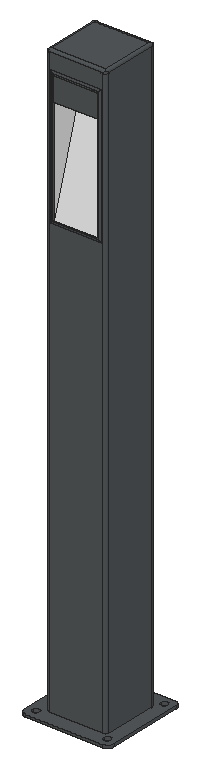
Revit family "svetilnik_alfresco_ar deko_dtu19", category Lighting Fixtures, Revit 2016 (continued)
Definition of nested family "Источник света Ар_Деко"
  Types (5, lengths in mm): name | Photometric Web File | built-in parameter 1150142
         0.2       0.2       0.2       0.2\r\n       0.2       0.2       0.2       0.2       0.2       0.2       0.2       0.2\r\n       0.2       0.2       0.2       0.2       0.2       0.2       0.2       0.2\r\n       0.2       0.2       0.2       0.2       0.2       0.2       0.2       0.2\r\n       0.2       0.2       0.2       0.2       0.2       0.2       0.2       0.2\r\n       0.2       0.2       0.2       0.2       0.2       0.2       0.2       0.2\r\n       0.2       0.2       0.2       0.2       0.2       0.2       0.2       0.2\r\n       0.2       0.2       0.2       0.2       0.2       0.2       0.2       0.2\r\n       0.2       0.2       0.2       0.2       0.2       0.2       0.2       0.2\r\n       0.2       0.2       0.2       0.2       0.2       0.2       0.2       0.2\r\n       0.2       0.2       0.2       0.2       0.2       0.2       0.2       0.2\r\n       0.2       0.2       0.2       0.2       0.2       0.2       0.2       0.2\r\n       0.2       0.2       0.2       0.2       0.2       0.2       0.2       0.2\r\n       0.2       0.2       0.2       0.2       0.2       0.2       0.2       0.2\r\n       0.2       0.2       0.2       0.2       0.2       0.2       0.2       0.2\r\n       0.2       0.2       0.2       0.2       0.2       0.2       0.2       0.2\r\n       0.2       0.1       0.1       0.1       0.1       0.1       0.1       0.1\r\n       0.1       0.1       0.0       0.0       0.0\r\n       0.0       0.0       0.1       0.1       0.1       0.1       0.1       0.1\r\n       0.2       0.3       0.2       0.2       0.2       0.2       0.2       0.2\r\n       0.2       0.2       0.2       0.2       0.2       0.2       0.2       0.2\r\n       0.2       0.2       0.2       0.2       0.2       0.2       0.2       0.2\r\n       0.2       0.2       0.2       0.2       0.2       0.2       0.2       0.2\r\n       0.2       0.2       0.2       0.2       0.2       0.2       0.2       0.2\r\n       0.2       0.2       0.2       0.2       0.2       0.2       0.2       0.2\r\n       0.2       0.2       0.2       0.2       0.2       0.2       0.2       0.2\r\n       0.2       0.2       0.2       0.2       0.2       0.2       0.2       0.2\r\n       0.2       0.2       0.2       0.2       0.2       0.2       0.2       0.2\r\n       0.2       0.2       0.2       0.2       0.2       0.2       0.2       0.2\r\n       0.2       0.2       0.2       0.2       0.2       0.2       0.2       0.2\r\n       0.2       0.2       0.2       0.2       0.2       0.2       0.2       0.2\r\n       0.2       0.2       0.2       0.2       0.2       0.2       0.2       0.2\r\n       0.2       0.2       0.2       0.2       0.2       0.2       0.2       0.2\r\n       0.2       0.2       0.2       0.2       0.2       0.2       0.2       0.2\r\n       0.2       0.2       0.2       0.2       0.2       0.2       0.2       0.2\r\n       0.2       0.2       0.2       0.2       0.2       0.2       0.2       0.2\r\n       0.2       0.2       0.2       0.2       0.2       0.2       0.2       0.2\r\n       0.2       0.2       0.2       0.2       0.2       0.2       0.2       0.2\r\n       0.2       0.2       0.2       0.2       0.2       0.2       0.2       0.2\r\n       0.2       0.1       0.1       0.1       0.1       0.1       0.1       0.1\r\n       0.1       0.1       0.0       0.0       0.0\r\n       0.0       0.0       0.1       0.1       0.1       0.1       0.1       0.1\r\n       0.2       0.3       0.2       0.2       0.2       0.2       0.2       0.2\r\n       0.2       0.2       0.2       0.2       0.2       0.2       0.2       0.2\r\n       0.2       0.2       0.2       0.2       0.2       0.2       0.2       0.2\r\n       0.3       0.2       0.2       0.2       0.2       0.2       0.2       0.2\r\n       0.2       0.2       0.3       0.2       0.2       0.2       0.2       0.2\r\n       0.2       0.2       0.2       0.2       0.2       0.2       0.2       0.2\r\n       0.2       0.2       0.2       0.2       0.2       0.2       0.3       0.2\r\n       0.2       0.2       0.2       0.2       0.2       0.2       0.2       0.2\r\n       0.2       0.2       0.2       0.2       0.2       0.2       0.2       0.2\r\n       0.2       0.2       0.2       0.2       0.2       0.2       0.2       0.2\r\n       0.2       0.2       0.2       0.2       0.2       0.2       0.2       0.2\r\n       0.2       0.2       0.2       0.2       0.2       0.2       0.2       0.2\r\n       0.2       0.2       0.2       0.2       0.2       0.2       0.2       0.2\r\n       0.2       0.2       0.2       0.2       0.2       0.2       0.2       0.2\r\n       0.2       0.2       0.2       0.2       0.2       0.2       0.2       0.2\r\n       0.2       0.2       0.2       0.2       0.2       0.2       0.2       0.2\r\n       0.2       0.2       0.2       0.2       0.2       0.2       0.2       0.2\r\n       0.2       0.2       0.2       0.2       0.2       0.2       0.2       0.2\r\n       0.2       0.2       0.2       0.2       0.2       0.2       0.2       0.2\r\n       0.2       0.2       0.2       0.2       0.2       0.2       0.2       0.2\r\n       0.2       0.1       0.1       0.1       0.1       0.1       0.1       0.1\r\n       0.1       0.1       0.0       0.0       0.0\r\n       0.0       0.0       0.1       0.1       0.1       0.1       0.1       0.1\r\n       0.2       0.3       0.2       0.2       0.2       0.2       0.2       0.2\r\n       0.2       0.2       0.2       0.2       0.2       0.2       0.2       0.2\r\n       0.2       0.2       0.2       0.2       0.2       0.2       0.2       0.2\r\n       0.2       0.2       0.2       0.2       0.2       0.3       0.3       0.2\r\n       0.2       0.2       0.2       0.4       0.3       0.2       0.2       0.2\r\n       0.2       0.2       0.2       0.2       0.2       0.2       0.2       0.2\r\n       0.2       0.2       0.2       0.2       0.2       0.2       0.2       0.2\r\n       0.2       0.2       0.2       0.2       0.2       0.2       0.2       0.2\r\n       0.2       0.2       0.2       0.2       0.2       0.2       0.2       0.2\r\n       0.2       0.2       0.2       0.2       0.2       0.2       0.2       0.2\r\n       0.2       0.2       0.2       0.2       0.2       0.2       0.2       0.2\r\n       0.2       0.2       0.2       0.2       0.2       0.2       0.2       0.2\r\n       0.2       0.2       0.2       0.2       0.2       0.2       0.2       0.2\r\n       0.2       0.2       0.2       0.2       0.2       0.3       0.2       0.2\r\n       0.2       0.2       0.2       0.2       0.2       0.2       0.2       0.2\r\n       0.2       0.2       0.2       0.2       0.2       0.2       0.2       0.2\r\n       0.2       0.2       0.2       0.2       0.2       0.2       0.2       0.2\r\n       0.2       0.2       0.2       0.2       0.2       0.2       0.2       0.2\r\n       0.2       0.2       0.2       0.2       0.2       0.2       0.2       0.2\r\n       0.2       0.2       0.2       0.2       0.2       0.2       0.2       0.2\r\n       0.2       0.1       0.1       0.1       0.1       0.1       0.1       0.1\r\n       0.1       0.1       0.0       0.0       0.0\r\n       0.0       0.0       0.1       0.1       0.1       0.1       0.1       0.1\r\n       0.2       0.3       0.2       0.2       0.2       0.2       0.2       0.2\r\n       0.2       0.2       0.2       0.2       0.2       0.2       0.2       0.2\r\n       0.2       0.2       0.2       0.2       0.2       0.2       0.2       0.2\r\n       0.2       0.2       0.2       0.2       0.2       0.3       0.2       0.2\r\n       0.2       0.2       0.2       0.3       0.2       0.2       0.2       0.2\r\n       0.2       0.2       0.2       0.2       0.2       0.2       0.2       0.2\r\n       0.2       0.2       0.2       0.2       0.2       0.2       0.2       0.2\r\n       0.2       0.2       0.2       0.2       0.2       0.2       0.2       0.2\r\n       0.2       0.2       0.2       0.2       0.2       0.2       0.2       0.2\r\n       0.2       0.2       0.2       0.2       0.2       0.2       0.2       0.2\r\n       0.2       0.2       0.2       0.2       0.2       0.2       0.2       0.2\r\n       0.2       0.2       0.2       0.2       0.2       0.2       0.2       0.2\r\n       0.2       0.2       0.2       0.2       0.2       0.2       0.2       0.2\r\n       0.2       0.2       0.2       0.2       0.2       0.4       0.2       0.2\r\n       0.2       0.2       0.2       0.2       0.2       0.2       0.2       0.2\r\n       0.2       0.2       0.2       0.2       0.2       0.2       0.2       0.2\r\n       0.2       0.2       0.2       0.2       0.2       0.2       0.2       0.2\r\n       0.2       0.2       0.2       0.2       0.2       0.2       0.2       0.2\r\n       0.2       0.2       0.2       0.2       0.2       0.2       0.2       0.2\r\n       0.2       0.2       0.2       0.2       0.2       0.2       0.2       0.2\r\n       0.2       0.1       0.1       0.1       0.1       0.1       0.1       0.1\r\n       0.1       0.1       0.0       0.0       0.0\r\n       0.0       0.0       0.1       0.1       0.1       0.1       0.1       0.1\r\n       0.2       0.2       0.2       0.2       0.2       0.2       0.2       0.2\r\n       0.2       0.2       0.2       0.2       0.2       0.2       0.2       0.2\r\n       0.2       0.2       0.2       0.2       0.2       0.2       0.2       0.2\r\n       0.2       0.2       0.2       0.2       0.2       0.2       0.2       0.2\r\n       0.2       0.2       0.2       0.2       0.2       0.2       0.2       0.2\r\n       0.2       0.2       0.2       0.2       0.2       0.2       0.2       0.2\r\n       0.2       0.2       0.2       0.2       0.2       0.2       0.2       0.2\r\n       0.2       0.2       0.2       0.2       0.2       0.2       0.2       0.2\r\n       0.2       0.2       0.2       0.2       0.2       0.2       0.2       0.2\r\n       0.2       0.2       0.2       0.2       0.2       0.2       0.2       0.2\r\n       0.2       0.2       0.2       0.2       0.2       0.2       0.2       0.2\r\n       0.2       0.2       0.2       0.2       0.2       0.2       0.2       0.2\r\n       0.2       0.2       0.2       0.2       0.2       0.2       0.2       0.2\r\n       0.2       0.2       0.2       0.2       0.2       0.2       0.2       0.2\r\n       0.2       0.2       0.2       0.2       0.2       0.2       0.2       0.2\r\n       0.2       0.2       0.2       0.2       0.2       0.2       0.2       0.2\r\n       0.2       0.2       0.2       0.2       0.2       0.2       0.2       0.2\r\n       0.2       0.2       0.2       0.2       0.2       0.2       0.2       0.2\r\n       0.2       0.2       0.2       0.2       0.2       0.2       0.2       0.2\r\n       0.2       0.2       0.2       0.2       0.2       0.2       0.2       0.2\r\n       0.2       0.1       0.1       0.1       0.1       0.1       0.1       0.1\r\n       0.1       0.1       0.0       0.0       0.0\r\n       0.0       0.0       0.1       0.1       0.1       0.1       0.1       0.1\r\n       0.2       0.2       0.2       0.2       0.2       0.2       0.2       0.2\r\n       0.2       0.2       0.2       0.2       0.2       0.2       0.2       0.2\r\n       0.2       0.2       0.2       0.2       0.2       0.2       0.2       0.2\r\n       0.2       0.2       0.2       0.2       0.2       0.2       0.2       0.2\r\n       0.2       0.2       0.2       0.2       0.2       0.2       0.2       0.2\r\n       0.2       0.2       0.2       0.2       0.2       0.2       0.2       0.2\r\n       0.2       0.2       0.2       0.2       0.2       0.2       0.2       0.2\r\n       0.2       0.2       0.2       0.2       0.2       0.2       0.2       0.2\r\n       0.2       0.2       0.2       0.2       0.2       0.2       0.2       0.2\r\n       0.2       0.2       0.2       0.2       0.2       0.2       0.2       0.2\r\n       0.2       0.2       0.2       0.2       0.2       0.2       0.2       0.2\r\n       0.2       0.2       0.2       0.2       0.2       0.2       0.2       0.2\r\n       0.2       0.2       0.2       0.2       0.2       0.2       0.2       0.2\r\n       0.2       0.2       0.2       0.2       0.2       0.2       0.2       0.2\r\n       0.2       0.2       0.2       0.2       0.2       0.2       0.2       0.2\r\n       0.2       0.2       0.2       0.2       0.2       0.2       0.2       0.2\r\n       0.2       0.2       0.2       0.2       0.2       0.2       0.2       0.2\r\n       0.2       0.2       0.2       0.2       0.2       0.2       0.2       0.2\r\n       0.2       0.2       0.2       0.2       0.2       0.2       0.2       0.2\r\n       0.2       0.2       0.2       0.2       0.2       0.2       0.2       0.2\r\n       0.2       0.1       0.1       0.1       0.1       0.1       0.1       0.1\r\n       0.1       0.1       0.0       0.0       0.0\r\n       0.0       0.0       0.1       0.1       0.1       0.1       0.1       0.1\r\n       0.2       0.2       0.2       0.2       0.2       0.2       0.2       0.2\r\n       0.2       0.2       0.2       0.2       0.2       0.2       0.2       0.2\r\n       0.2       0.2       0.2       0.2       0.2       0.2       0.2       0.2\r\n       0.2       0.2       0.2       0.2       0.2       0.2       0.2       0.2\r\n       0.2       0.2       0.2       0.2       0.2       0.2       0.2       0.2\r\n       0.2       0.2       0.2       0.2       0.2       0.2       0.2       0.2\r\n       0.2       0.2       0.2       0.2       0.2       0.2       0.2       0.2\r\n       0.2       0.2       0.2       0.2       0.2       0.2       0.2       0.2\r\n       0.2       0.2       0.2       0.2       0.2       0.2       0.2       0.2\r\n       0.2       0.2       0.2       0.2       0.2       0.2       0.2       0.2\r\n       0.2       0.2       0.2       0.2       0.2       0.2       0.2       0.2\r\n       0.2       0.2       0.2       0.2       0.2       0.2       0.2       0.2\r\n       0.2       0.2       0.2       0.2       0.2       0.2       0.2       0.2\r\n       0.2       0.2       0.2       0.2       0.2       0.2       0.2       0.2\r\n       0.2       0.2       0.2       0.2       0.2       0.2       0.2       0.2\r\n       0.2       0.2       0.2       0.2       0.2       0.2       0.2       0.2\r\n       0.2       0.2       0.2       0.2       0.2       0.2       0.2       0.2\r\n       0.2       0.2       0.2       0.2       0.2       0.2       0.2       0.2\r\n       0.2       0.2       0.2       0.2       0.2       0.2       0.2       0.2\r\n       0.2       0.2       0.2       0.2       0.2       0.2       0.2       0.2\r\n       0.2       0.1       0.1       0.1       0.1       0.1       0.1       0.1\r\n       0.1       0.1       0.0       0.0       0.0\r\n       0.0       0.0       0.1       0.1       0.1       0.1       0.1       0.1\r\n       0.2       0.2       0.2       0.2       0.2       0.2       0.2       0.2\r\n       0.2       0.2       0.2       0.2       0.2       0.2       0.2       0.2\r\n       0.2       0.2       0.2       0.2       0.2       0.2       0.2       0.2\r\n       0.2       0.2       0.2       0.2       0.2       0.2       0.2       0.2\r\n       0.2       0.2       0.2       0.2       0.2       0.2       0.2       0.2\r\n       0.2       0.2       0.2       0.2       0.2       0.2       0.2       0.2\r\n       0.2       0.2       0.2       0.2       0.2       0.2       0.2       0.2\r\n       0.2       0.2       0.2       0.2       0.2       0.2       0.2       0.2\r\n       0.2       0.2       0.2       0.2       0.2       0.2       0.2       0.2\r\n       0.2       0.2       0.2       0.2       0.2       0.2       0.2       0.2\r\n       0.2       0.2       0.2       0.2       0.2       0.2       0.2       0.2\r\n       0.2       0.2       0.2       0.2       0.2       0.2       0.2       0.2\r\n       0.2       0.2       0.2       0.2       0.2       0.2       0.2       0.2\r\n       0.2       0.2       0.2       0.2       0.2       0.2       0.2       0.2\r\n       0.2       0.2       0.2       0.2       0.2       0.2       0.2       0.2\r\n       0.2       0.2       0.2       0.2       0.2       0.2       0.2       0.2\r\n       0.2       0.2       0.2       0.2       0.2       0.2       0.2       0.2\r\n       0.2       0.2       0.2       0.2       0.2       0.2       0.2       0.2\r\n       0.2       0.2       0.2       0.2       0
      .2       0.2       0.2       0.2\r\n       0.2       0.2       0.2       0.2       0.2       0.2       0.2       0.2\r\n       0.2       0.1       0.1       0.1       0.1       0.1       0.1       0.1\r\n       0.1       0.1       0.0       0.0       0.0\r\n       0.0       0.0       0.1       0.1       0.1       0.1       0.1       0.1\r\n       0.2       0.2       0.2       0.2       0.2       0.2       0.2       0.2\r\n       0.2       0.2       0.2       0.2       0.2       0.2       0.2       0.2\r\n       0.2       0.2       0.2       0.2       0.2       0.2       0.2       0.2\r\n       0.2       0.2       0.2       0.2       0.2       0.2       0.2       0.2\r\n       0.2       0.2       0.2       0.2       0.2       0.2       0.2       0.2\r\n       0.2       0.2       0.2       0.2       0.2       0.2       0.2       0.2\r\n       0.2       0.2       0.2       0.2       0.2       0.2       0.2       0.2\r\n       0.2       0.2       0.2       0.2       0.2       0.2       0.2       0.2\r\n       0.2       0.2       0.2       0.2       0.2       0.2       0.2       0.2\r\n       0.2       0.2       0.2       0.2       0.2       0.2       0.2       0.2\r\n       0.2       0.2       0.2       0.2       0.2       0.2       0.2       0.2\r\n       0.2       0.2       0.2       0.2       0.2       0.2       0.2       0.2\r\n       0.2       0.2       0.2       0.2       0.2       0.2       0.2       0.2\r\n       0.2       0.2       0.2       0.2       0.2       0.2       0.2       0.2\r\n       0.2       0.2       0.2       0.2       0.2       0.2       0.2       0.2\r\n       0.2       0.2       0.2       0.2       0.2       0.2       0.2       0.2\r\n       0.2       0.2       0.2       0.2       0.2       0.2       0.2       0.2\r\n       0.2       0.2       0.2       0.2       0.2       0.2       0.2       0.2\r\n       0.2       0.2       0.2       0.2       0.2       0.2       0.2       0.2\r\n       0.2       0.2       0.2       0.2       0.2       0.2       0.2       0.2\r\n       0.2       0.1       0.1       0.1       0.1       0.1       0.1       0.1\r\n       0.1       0.1       0.0       0.0       0.0\r\n       0.0       0.0       0.1       0.1       0.1       0.1       0.1       0.1\r\n       0.2       0.2       0.2       0.2       0.2       0.2       0.2       0.2\r\n       0.2       0.2       0.2       0.2       0.2       0.2       0.2       0.2\r\n       0.2       0.2       0.2       0.2       0.2       0.2       0.2       0.2\r\n       0.2       0.2       0.2       0.2       0.2       0.2       0.2       0.2\r\n       0.2       0.2       0.2       0.2       0.2       0.2       0.2       0.2\r\n       0.2       0.2       0.2       0.2       0.2       0.2       0.2       0.2\r\n       0.2       0.2       0.2       0.2       0.2       0.2       0.2       0.2\r\n       0.2       0.2       0.2       0.2       0.2       0.2       0.2       0.2\r\n       0.2       0.2       0.2       0.2       0.2       0.2       0.2       0.2\r\n       0.2       0.2       0.2       0.2       0.2       0.2       0.2       0.2\r\n       0.2       0.2       0.2       0.2       0.2       0.2       0.2       0.2\r\n       0.2       0.2       0.2       0.2       0.2       0.2       0.2       0.2\r\n       0.2       0.2       0.2       0.2       0.2       0.2       0.2       0.2\r\n       0.2       0.2       0.2       0.2       0.2       0.2       0.2       0.2\r\n       0.2       0.2       0.2       0.2       0.2       0.2       0.2       0.2\r\n       0.2       0.2       0.2       0.2       0.2       0.2       0.2       0.2\r\n       0.2       0.2       0.2       0.2       0.2       0.2       0.2       0.2\r\n       0.2       0.2       0.2       0.2       0.2       0.2       0.2       0.2\r\n       0.2       0.2       0.2       0.2       0.2       0.2       0.2       0.2\r\n       0.2       0.2       0.2       0.2       0.2       0.2       0.2       0.2\r\n       0.2       0.1       0.1       0.1       0.1       0.1       0.1       0.1\r\n       0.1       0.1       0.0       0.0       0.0\r\n       0.0       0.0       0.1       0.1       0.1       0.1       0.1       0.1\r\n       0.2       0.2       0.2       0.2       0.2       0.2       0.2       0.2\r\n       0.2       0.2       0.2       0.2       0.2       0.2       0.2       0.2\r\n       0.2       0.2       0.2       0.2       0.2       0.2       0.2       0.2\r\n       0.2       0.2       0.2       0.2       0.2       0.2       0.2       0.2\r\n       0.2       0.2       0.2       0.2       0.2       0.2       0.2       0.2\r\n       0.2       0.2       0.2       0.2       0.2       0.2       0.2       0.2\r\n       0.2       0.2       0.2       0.2       0.2       0.2       0.2       0.2\r\n       0.2       0.2       0.2       0.2       0.2       0.2       0.2       0.2\r\n       0.2       0.2       0.2       0.2       0.2       0.2       0.2       0.2\r\n       0.2       0.2       0.2       0.2       0.2       0.2       0.2       0.2\r\n       0.2       0.2       0.2       0.2       0.2       0.2       0.2       0.2\r\n       0.2       0.2       0.2       0.2       0.2       0.2       0.2       0.2\r\n       0.2       0.2       0.2       0.2       0.2       0.2       0.2       0.2\r\n       0.2       0.2       0.2       0.2       0.2       0.2       0.2       0.2\r\n       0.2       0.2       0.2       0.2       0.2       0.2       0.2       0.2\r\n       0.2       0.2       0.2       0.2       0.2       0.2       0.2       0.2\r\n       0.2       0.2       0.2       0.2       0.2       0.2       0.2       0.2\r\n       0.2       0.2       0.2       0.2       0.2       0.2       0.2       0.2\r\n       0.2       0.2       0.2       0.2       0.2       0.2       0.2       0.2\r\n       0.2       0.2       0.2       0.2       0.2       0.2       0.2       0.2\r\n       0.2       0.1       0.1       0.1       0.1       0.1       0.1       0.1\r\n       0.1       0.1       0.0       0.0       0.0\r\n       0.0       0.0       0.0       0.1       0.1       0.1       0.1       0.1\r\n       0.2       0.2       0.2       0.2       0.2       0.2       0.2       0.2\r\n       0.2       0.2       0.2       0.2       0.2       0.2       0.2       0.2\r\n       0.2       0.2       0.2       0.2       0.2       0.2       0.2       0.2\r\n       0.2       0.2       0.2       0.2       0.2       0.2       0.2       0.2\r\n       0.2       0.2       0.2       0.2       0.2       0.2       0.2       0.2\r\n       0.2       0.2       0.2       0.2       0.2       0.2       0.2       0.2\r\n       0.2       0.2       0.2       0.2       0.2       0.2       0.2       0.2\r\n       0.2       0.2       0.2       0.2       0.2       0.2       0.2       0.2\r\n       0.2       0.2       0.2       0.2       0.2       0.2       0.2       0.2\r\n       0.2       0.2       0.2       0.2       0.2       0.2       0.2       0.2\r\n       0.2       0.2       0.2       0.2       0.2       0.2       0.2       0.2\r\n       0.2       0.2       0.2       0.2       0.2       0.2       0.2       0.2\r\n       0.2       0.2       0.2       0.2       0.2       0.2       0.2       0.2\r\n       0.2       0.2       0.2       0.2       0.2       0.2       0.2       0.2\r\n       0.2       0.2       0.2       0.2       0.2       0.2       0.2       0.2\r\n       0.2       0.2       0.2       0.2       0.2       0.2       0.2       0.2\r\n       0.2       0.2       0.2       0.2       0.2       0.2       0.2       0.2\r\n       0.2       0.2       0.2       0.2       0.2       0.2       0.2       0.2\r\n       0.2       0.2       0.2       0.2       0.2       0.2       0.2       0.2\r\n       0.2       0.2       0.2       0.2       0.2       0.2       0.2       0.2\r\n       0.2       0.1       0.1       0.1       0.1       0.1       0.1       0.1\r\n       0.1       0.1       0.0       0.0       0.0\r\n       0.0       0.0       0.0       0.1       0.1       0.1       0.1       0.1\r\n       0.2       0.2       0.2       0.2       0.2       0.2       0.2       0.2\r\n       0.2       0.2       0.2       0.2       0.2       0.2       0.2       0.2\r\n       0.2       0.2       0.2       0.2       0.2       0.2       0.2       0.2\r\n       0.2       0.2       0.2       0.2       0.2       0.2       0.2       0.2\r\n       0.2       0.2       0.2       0.2       0.2       0.2       0.2       0.2\r\n       0.2       0.2       0.2       0.2       0.2       0.2       0.2       0.2\r\n       0.2       0.2       0.2       0.2       0.2       0.2       0.2       0.2\r\n       0.2       0.2       0.2       0.2       0.2       0.2       0.2       0.2\r\n       0.2       0.2       0.2       0.2       0.2       0.2       0.2       0.2\r\n       0.2       0.2       0.2       0.2       0.2       0.2       0.2       0.2\r\n       0.2       0.2       0.2       0.2       0.2       0.2       0.2       0.2\r\n       0.2       0.2       0.2       0.2       0.2       0.2       0.2       0.2\r\n       0.2       0.2       0.2       0.2       0.2       0.2       0.2       0.2\r\n       0.2       0.2       0.2       0.2       0.2       0.2       0.2       0.2\r\n       0.2       0.2       0.2       0.2       0.2       0.2       0.2       0.2\r\n       0.2       0.2       0.2       0.2       0.2       0.2       0.2       0.2\r\n       0.2       0.2       0.2       0.2       0.2       0.2       0.2       0.2\r\n       0.2       0.2       0.2       0.2       0.2       0.2       0.2       0.2\r\n       0.2       0.2       0.2       0.2       0.2       0.2       0.2       0.2\r\n       0.2       0.2       0.2       0.2       0.2       0.2       0.2       0.2\r\n       0.2       0.1       0.1       0.1       0.1       0.1       0.1       0.1\r\n       0.1       0.1       0.0       0.0       0.0\r\n       0.0       0.0       0.0       0.1       0.1       0.1       0.1       0.1\r\n       0.2       0.2       0.2       0.2       0.2       0.2       0.2       0.2\r\n       0.2       0.2       0.2       0.2       0.2       0.2       0.2       0.2\r\n       0.2       0.3       0.2       0.2       0.2       0.2       0.2       0.2\r\n       0.2       0.2       0.2       0.2       0.2       0.2       0.2       0.2\r\n       0.2       0.2       0.2       0.2       0.2       0.2       0.2       0.2\r\n       0.2       0.2       0.2       0.2       0.2       0.2       0.2       0.2\r\n       0.2       0.2       0.2       0.2       0.2       0.2       0.2       0.2\r\n       0.2       0.2       0.2       0.2       0.2       0.2       0.2       0.2\r\n       0.2       0.2       0.2       0.2       0.2       0.2       0.2       0.2\r\n       0.2       0.2       0.2       0.2       0.2       0.2       0.2       0.2\r\n       0.2       0.2       0.2       0.2       0.2       0.2       0.2       0.2\r\n       0.2       0.2       0.2       0.2       0.2       0.2       0.2       0.2\r\n       0.2       0.2       0.2       0.2       0.2       0.2       0.2       0.2\r\n       0.2       0.2       0.2       0.2       0.2       0.2       0.2       0.2\r\n       0.2       0.2       0.2       0.2       0.2       0.2       0.2       0.2\r\n       0.2       0.2       0.2       0.2       0.2       0.2       0.2       0.2\r\n       0.2       0.2       0.2       0.2       0.2       0.2       0.2       0.2\r\n       0.2       0.2       0.2       0.2       0.2       0.2       0.2       0.2\r\n       0.2       0.2       0.2       0.2       0.2       0.2       0.2       0.2\r\n       0.2       0.2       0.2       0.2       0.2       0.2       0.2       0.2\r\n       0.2       0.1       0.1       0.1       0.1       0.1       0.1       0.1\r\n       0.1       0.1       0.0       0.0       0.0\r\n       0.0       0.0       0.0       0.1       0.1       0.1       0.1       0.1\r\n       0.2       0.2       0.2       0.2       0.2       0.2       0.2       0.2\r\n       0.2       0.2       0.2       0.2       0.2       0.2       0.2       0.2\r\n       0.2       0.2       0.2       0.2       0.2       0.2       0.2       0.2\r\n       0.2       0.2       0.2       0.2       0.2       0.2       0.2       0.2\r\n       0.2       0.2       0.2       0.2       0.2       0.2       0.2       0.2\r\n       0.2       0.2       0.2       0.2       0.2       0.2       0.2       0.2\r\n       0.2       0.2       0.2       0.2       0.2       0.2       0.2       0.2\r\n       0.2       0.2       0.2       0.2       0.2       0.2       0.2       0.2\r\n       0.2       0.2       0.2       0.2       0.2       0.2       0.2       0.2\r\n       0.2       0.2       0.2       0.2       0.2       0.2       0.2       0.2\r\n       0.2       0.2       0.2       0.2       0.2       0.2       0.2       0.2\r\n       0.2       0.2       0.2       0.2       0.2       0.2       0.2       0.2\r\n       0.2       0.2       0.2       0.2       0.2       0.2       0.2       0.2\r\n       0.2       0.2       0.2       0.2       0.2       0.2       0.2       0.2\r\n       0.2       0.2       0.2       0.2       0.2       0.2       0.2       0.2\r\n       0.2       0.2       0.2       0.2       0.2       0.2       0.2       0.2\r\n       0.2       0.2       0.2       0.2       0.2       0.3       0.2       0.2\r\n       0.2       0.2       0.2       0.2       0.2       0.2       0.2       0.2\r\n       0.2       0.2       0.2       0.2       0.2       0.2       0.2       0.2\r\n       0.2       0.2       0.2       0.2       0.2       0.2       0.2       0.2\r\n       0.2       0.1       0.1       0.1       0.1       0.1       0.1       0.1\r\n       0.1       0.1       0.0       0.0       0.0\r\n       0.0       0.0       0.0       0.0       0.1       0.1       0.1       0.1\r\n       0.2       0.2       0.2       0.2       0.2       0.2       0.2       0.2\r\n       0.2       0.2       0.2       0.2       0.2       0.2       0.2       0.2\r\n       0.2       0.2       0.2       0.2       0.2       0.2       0.2       0.2\r\n       0.2       0.2       0.2       0.2       0.2       0.2       0.2       0.2\r\n       0.2       0.2       0.2       0.2       0.2       0.2       0.2       0.2\r\n       0.2       0.2       0.2       0.2       0.2       0.2       0.2       0.2\r\n       0.2       0.2       0.2       0.2       0.2       0.2       0.2       0.2\r\n       0.2       0.2       0.2       0.2       0.2       0.2       0.2       0.2\r\n       0.2       0.2       0.2       0.2       0.2       0.2       0.2       0.2\r\n       0.2       0.2       0.2       0.2       0.2       0.2       0.2       0.2\r\n       0.2       0.2       0.2       0.2       0.2       0.2       0.2       0.2\r\n       0.2       0.2       0.2       0.2       0.2       0.2       0.2       0.2\r\n       0.2       0.2       0.2       0.2       0.2       0.2       0.2       0.2\r\n       0.2       0.2       0.2       0.2       0.2       0.2       0.2       0.2\r\n       0.2       0.2       0.2       0.2       0.2       0.2       0.2       0.2\r\n       0.2       0.2       0.2       0.2       0.2       0.2       0.2       0.2\r\n       0.2       0.2       0.2       0.2       0.2       0.2       0.2       0.2\r\n       0.2       0.2       0.2       0.2       0.2       0.2       0.2       0.2\r\n       0.2       0.2       0.2       0.2       0.2       0.2       0.2       0.2\r\n       0.2       0.2       0.2       0.2       0.2       0.2       0.2       0.2\r\n       0.2       0.1       0.1       0.1       0.1       0.1       0.1       0.1\r\n       0.1       0.1       0.0       0.0       0.0\r\n       0.0       0.0       0.0       0.0       0.1       0.1       0.1       0.1\r\n       0.2       0.2       0.2       0.2       0.2       0.2       0.2       0.2\r\n       0.2       0.2       0.2       0.2       0.2       0.2       0.2       0.2\r\n       0.2       0.2       0.2       0.2       0.2       0.2       0.2       0.2\r\n       0.2       0.2       0.2       0.2       0.2       0.2       0.2       0.2\r\n       0.2       0.2       0.2       0.2       0.2       0.2       0.2       0.2\r\n       0.2       0.2       0.2       0.2       0.2       0.2       0.2       0.2\r\n       0.2       0.2       0.2       0.2       0.2       0.2       0.2       0.2\r\n       0.2       0.2       0.2       0.2       0.2       0.2       0.2       0.2\r\n       0.2       0.2       0.2       0.2       0.2       0.2       0.2       0.2\r\n       0.2       0.2       0.2       0.2       0.2       0.2       0.2       0.2\r\n
